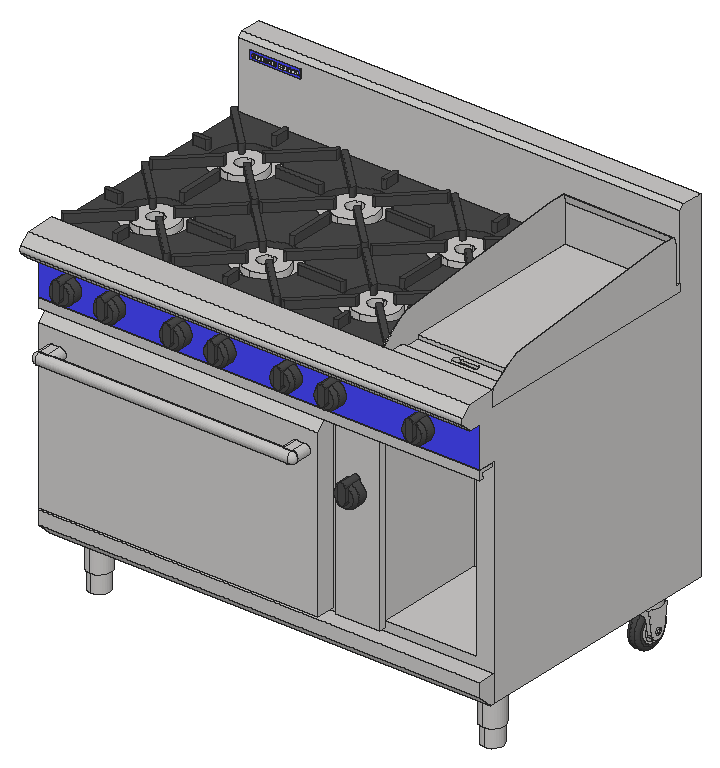
Revit family "QF_MOFFAT_BLUESEAL_CE_G58C", category Specialty Equipment, Revit 2012
Parameters
  Width = 1200 mm
  Weight in Pounds = 584
  Watts = 130 W
  Volts = 230 V
  URL Cutsheet = "www.moffat.com"
  URL = "www.moffat.com"
  Type Mark [instance] = ""
  Status [instance] = ""
  Specification by User [instance] = ""
  Specification by Manufacturer = ""
  Show Logo [instance] = yes
  Show Clearance [instance] = yes
  Show Casters [instance] = yes
  Serial Number = ""
  Seismic Rating = ""
  SMACNA No = ""
  Revision Code [instance] = ""
  Phase = 1
  Omniclass Number and Title = ""
  Number of Poles [instance] = 1
  NAFEM Spec ID Number = ""
  Model = "G58C"
  Min Ckt Ampacity = 0 A
  Mechanical Remarks = ""
  Mechanical Connection Type [instance] = ""
  Max Overcurrent Protection = 0 A
  Masterspec = ""
  Manufacturer = "MOFFAT BLUESEAL"
  Legs [instance] = not(Show Casters)  # no
  Item Number [instance] = ""
  Installed By [instance] = ""
  Identify Quantity as Lot [instance] = yes
  Height = 970 mm
  HP = ""
  Gas Size = 3/4"
  Gas RI Height [instance] = 0 mm
  Gas KW [instance] = 57
  Gas Input [instance] = 194500.0 Btu/h
  Gas Connection Height = 0 mm
  Furnished By [instance] = ""
  Foodservice Equipment Identifier [instance] = yes
  FL Amps = 0.6 A
  Electrical Remarks = ""
  Electric Connection Type = ""
  Elec Conn RI Height = 0 mm
  Elec Conn Connection Height = 0 mm
  Description = "1200MM GAS RANGE WITH CONVECTION OVEN"
  Depth = 812 mm
  Cycle = 60 Hz
  Conn Plug = ""
  Conn Conduit = yes
  CSI MasterFormat = ""
  CSI Master Format = ""
  Body Finish = QF_Finishes_Stainless Steel
  Apparent Power = 0 VA
Reference planes
  plane 1 "BACK": y = 0
  plane 2: z = 0
  plane 3 "LEFT": x = 0
  plane 4 "RIGHT": x = 1200
  plane 5 "FRONT": y = -812
  plane 6 "TOP": z = 970
  plane 7 "Center Y": x = 600
  plane 8 "Center X": y = -406
  plane 9: x = 280
  plane 10: y = -574.272
  plane 11: x = 60
  plane 12: y = -304.972
  plane 13: y = -364.972
  plane 14: x = 74
  plane 15: y = -812
  plane 16: x = 1134.5
  plane 17: y = -32
  plane 18: z = 655
  plane 19: x = 65.5
  plane 20: x = 65.8
  plane 21: z = 1085
  plane 22: y = -705
Forms (mm)
  Extrusion 1, solid, material "QF_Finishes_Stainless Steel" <- "Body Finish"
    sketch origin (0, 0, 0) x (0, 1, 0) y (0, 0, 1)
      loop
        line (0, 150) -> (0, 1085) -> (-57.5, 1085) -> (-70, 1072.5) -> (-70, 875) -> (-705, 875) -> (-705, 915) -> (-783.97, 915) -> (-808.49, 890.48)
        arc (-808.49, 890.48) -> (-812.002, 882) -> (-808.49, 873.52) r 11.993
        line (-808.49, 873.52) -> (-784.97, 850) -> (-749, 850) -> (-749, 740) -> (-699, 740) -> (-699, 150) -> (0, 150)
      loop
        line (-749, 222.5) -> (-749, 186) -> (-713, 150) -> (-703.2, 150) -> (-703.2, 222.5) -> (-749, 222.5)
      loop
        line (-749, 713.781) -> (-740.224, 713.781) -> (-742.613, 730.781) -> (-707.93, 730.781) -> (-707.93, 737.784) -> (-749, 737.784) -> (-749, 713.781)
    from 0 to 1200
  Extrusion 2, solid, material "QF_Finishes_Stainless Steel"
    sketch origin (0, 7, 0) x (0, 1, 0) y (0, 0, 1)
      loop
        line (-706, 700) -> (-732, 700) -> (-756, 676) -> (-756, 227.5) -> (-706, 227.5) -> (-706, 700)
    from 0 to 760
  Extrusion 3, solid, material "QF_Finishes_Stainless Steel"
    sketch origin (723.5, 7, 0) x (0, 1, 0) y (0, 0, 1)
      loop
        line (-706, 700) -> (-721, 700) -> (-721, 227.5) -> (-706, 227.5) -> (-706, 700)
    from 56.898 to 176.5
  Revolve 4, solid, material "QF_Finishes_Stainless Steel" <- "Body Finish"
    sketch origin (1134.5, -696.126, 0) x (0, 1, 0) y (0, 0, -1)
      loop
        line (39.376, -150) -> (71.126, -150) -> (71.126, 0) -> (43.626, 0) -> (43.626, -50) -> (39.376, -50) -> (39.376, -150)
      axis (71.126, -150) -> (71.126, 0)
    angle from 0 to 360
  Revolve 5, solid, material "QF_Finishes_Stainless Steel" <- "Body Finish"
    sketch origin (65.5, -696.126, 0) x (0, 1, 0) y (0, 0, 1)
      loop
        line (39.376, 150) -> (39.376, 50) -> (43.626, 50) -> (43.626, 0) -> (71.126, 0) -> (71.126, 150) -> (39.376, 150)
      axis (71.126, 150) -> (71.126, 0)
    angle from 0 to 360
  Extrusion 6, solid, material "QF_Finishes_Stainless Steel"
    sketch origin (-64.5, 0, 325) x (1, 0, 0) y (0, 1, 0)
      loop
        circle (1134.5, -32) r 10
    from 330 to 374.856
  Extrusion 7, void
    sketch origin (0, -699, 150) x (0, 0, -1) y (-1, 0, 0)
      loop
        line (-529.781, -900) -> (-529.781, -1150) -> (-96, -1150) -> (-96, -900) -> (-529.781, -900)
    from 0 to 304.8
  Extrusion 8, solid, material "QF_Finishes_Black"
    sketch origin (0, -70, 875) x (0, -1, 0) y (1, 0, 0)
      loop
        arc (1, 4) -> (1.879, 1.879) -> (4, 1) r 3
        line (4, 1) -> (632, 1)
        arc (632, 1) -> (634.121, 1.879) -> (635, 4) r 3
        line (635, 4) -> (635, 897)
        arc (635, 897) -> (634.121, 899.121) -> (632, 900) r 3
        line (632, 900) -> (4, 900)
        arc (4, 900) -> (1.879, 899.121) -> (1, 897) r 3
        line (1, 897) -> (1, 4)
      loop
        circle (167.5, 150) r 85
      loop
        circle (167.5, 450) r 85
      loop
        circle (467.768, 150) r 85
      loop
        circle (467.768, 450) r 85
      loop
        circle (167.5, 750) r 85
      loop
        circle (467.768, 750) r 85
    from 0 to 19.5
  Extrusion 9, solid, material "QF_Finishes_Black"
    sketch origin (0, -70, 894.5) x (0, -1, 0) y (1, 0, 0)
      loop
        spline (327.102, 15.153) -> (326.181, 13.924) -> (325.631, 12.47) -> (325.49, 10.89) -> (325.767, 9.292) -> (326.443, 7.786) -> (327.473, 6.473) -> (328.786, 5.443) -> (330.292, 4.767) -> (331.89, 4.49) -> (333.47, 4.631) -> (334.924, 5.181) -> (336.153, 6.102)
        line (336.153, 6.102) -> (444.076, 114.025)
        spline (444.076, 114.025) -> (444.837, 115.095) -> (445.238, 116.399) -> (445.251, 117.851) -> (444.875, 119.35) -> (444.137, 120.795) -> (443.086, 122.086) -> (441.795, 123.137) -> (440.35, 123.875) -> (438.851, 124.251) -> (437.399, 124.238) -> (436.095, 123.837) -> (435.025, 123.076)
        line (435.025, 123.076) -> (327.102, 15.153)
      loop
        line (611.398, 15.153) -> (503.475, 123.076)
        spline (503.475, 123.076) -> (502.405, 123.837) -> (501.101, 124.238) -> (499.649, 124.251) -> (498.15, 123.875) -> (496.705, 123.137) -> (495.414, 122.086) -> (494.363, 120.795) -> (493.625, 119.35) -> (493.249, 117.851) -> (493.262, 116.399) -> (493.663, 115.095) -> (494.424, 114.025)
        line (494.424, 114.025) -> (602.347, 6.102)
        spline (602.347, 6.102) -> (603.416, 5.341) -> (604.721, 4.941) -> (606.172, 4.928) -> (607.671, 5.303) -> (609.116, 6.041) -> (610.408, 7.092) -> (611.459, 8.384) -> (612.197, 9.829) -> (612.572, 11.328) -> (612.559, 12.779) -> (612.159, 14.084) -> (611.398, 15.153)
      loop
        spline (379.102, 143.6) -> (380.396, 143.818) -> (381.602, 144.457) -> (382.638, 145.475) -> (383.432, 146.8) -> (383.932, 148.344) -> (384.102, 150) -> (383.932, 151.656) -> (383.432, 153.2) -> (382.638, 154.525) -> (381.602, 155.543) -> (380.396, 156.182) -> (379.102, 156.4)
        line (379.102, 156.4) -> (259.398, 156.4)
        spline (259.398, 156.4) -> (258.104, 156.182) -> (256.898, 155.543) -> (255.862, 154.525) -> (255.068, 153.2) -> (254.568, 151.656) -> (254.398, 150) -> (254.568, 148.344) -> (255.068, 146.8) -> (255.862, 145.475) -> (256.898, 144.457) -> (258.104, 143.818) -> (259.398, 143.6)
        line (259.398, 143.6) -> (379.102, 143.6)
      loop
        spline (23.602, 15.153) -> (22.681, 13.924) -> (22.131, 12.47) -> (21.99, 10.89) -> (22.267, 9.292) -> (22.943, 7.786) -> (23.973, 6.473) -> (25.286, 5.443) -> (26.792, 4.767) -> (28.39, 4.49) -> (29.97, 4.631) -> (31.424, 5.181) -> (32.653, 6.102)
        line (32.653, 6.102) -> (140.576, 114.025)
        spline (140.576, 114.025) -> (141.337, 115.095) -> (141.738, 116.399) -> (141.751, 117.851) -> (141.375, 119.35) -> (140.637, 120.795) -> (139.586, 122.086) -> (138.295, 123.137) -> (136.85, 123.875) -> (135.351, 124.251) -> (133.899, 124.238) -> (132.595, 123.837) -> (131.525, 123.076)
        line (131.525, 123.076) -> (23.602, 15.153)
      loop
        line (311.398, 15.153) -> (203.475, 123.076)
        spline (203.475, 123.076) -> (202.405, 123.837) -> (201.101, 124.238) -> (199.649, 124.251) -> (198.15, 123.875) -> (196.705, 123.137) -> (195.414, 122.086) -> (194.363, 120.795) -> (193.625, 119.35) -> (193.249, 117.851) -> (193.262, 116.399) -> (193.663, 115.095) -> (194.424, 114.025)
        line (194.424, 114.025) -> (302.347, 6.102)
        spline (302.347, 6.102) -> (303.416, 5.341) -> (304.721, 4.941) -> (306.172, 4.928) -> (307.671, 5.303) -> (309.116, 6.041) -> (310.408, 7.092) -> (311.459, 8.384) -> (312.197, 9.829) -> (312.572, 11.328) -> (312.559, 12.779) -> (312.159, 14.084) -> (311.398, 15.153)
      loop
        line (327.102, 284.847) -> (435.025, 176.924)
        spline (435.025, 176.924) -> (436.095, 176.163) -> (437.399, 175.762) -> (438.851, 175.749) -> (440.35, 176.125) -> (441.795, 176.863) -> (443.086, 177.914) -> (444.137, 179.205) -> (444.875, 180.65) -> (445.251, 182.149) -> (445.238, 183.601) -> (444.837, 184.905) -> (444.076, 185.975)
        line (444.076, 185.975) -> (336.153, 293.898)
        spline (336.153, 293.898) -> (334.924, 294.819) -> (333.47, 295.369) -> (331.89, 295.51) -> (330.292, 295.233) -> (328.786, 294.557) -> (327.473, 293.527) -> (326.443, 292.214) -> (325.767, 290.708) -> (325.49, 289.11) -> (325.631, 287.53) -> (326.181, 286.076) -> (327.102, 284.847)
      loop
        spline (611.398, 284.847) -> (612.159, 285.916) -> (612.559, 287.221) -> (612.572, 288.672) -> (612.197, 290.171) -> (611.459, 291.616) -> (610.408, 292.908) -> (609.116, 293.959) -> (607.671, 294.697) -> (606.172, 295.072) -> (604.721, 295.059) -> (603.416, 294.659) -> (602.347, 293.898)
        line (602.347, 293.898) -> (494.424, 185.975)
        spline (494.424, 185.975) -> (493.663, 184.905) -> (493.262, 183.601) -> (493.249, 182.149) -> (493.625, 180.65) -> (494.363, 179.205) -> (495.414, 177.914) -> (496.705, 176.863) -> (498.15, 176.125) -> (499.649, 175.749) -> (501.101, 175.762) -> (502.405, 176.163) -> (503.475, 176.924)
        line (503.475, 176.924) -> (611.398, 284.847)
      loop
        spline (461.1, 241.898) -> (461.318, 240.604) -> (461.957, 239.398) -> (462.975, 238.362) -> (464.3, 237.568) -> (465.844, 237.068) -> (467.5, 236.898) -> (469.156, 237.068) -> (470.7, 237.568) -> (472.025, 238.362) -> (473.043, 239.398) -> (473.682, 240.604) -> (473.9, 241.898)
        line (473.9, 241.898) -> (473.9, 358.102)
        spline (473.9, 358.102) -> (473.682, 359.396) -> (473.043, 360.602) -> (472.025, 361.638) -> (470.7, 362.432) -> (469.156, 362.932) -> (467.5, 363.102) -> (465.844, 362.932) -> (464.3, 362.432) -> (462.975, 361.638) -> (461.957, 360.602) -> (461.318, 359.396) -> (461.1, 358.102)
        line (461.1, 358.102) -> (461.1, 241.898)
      loop
        line (23.602, 284.847) -> (131.525, 176.924)
        spline (131.525, 176.924) -> (132.595, 176.163) -> (133.899, 175.762) -> (135.351, 175.749) -> (136.85, 176.125) -> (138.295, 176.863) -> (139.586, 177.914) -> (140.637, 179.205) -> (141.375, 180.65) -> (141.751, 182.149) -> (141.738, 183.601) -> (141.337, 184.905) -> (140.576, 185.975)
        line (140.576, 185.975) -> (32.653, 293.898)
        spline (32.653, 293.898) -> (31.424, 294.819) -> (29.97, 295.369) -> (28.39, 295.51) -> (26.792, 295.233) -> (25.286, 294.557) -> (23.973, 293.527) -> (22.943, 292.214) -> (22.267, 290.708) -> (21.99, 289.11) -> (22.131, 287.53) -> (22.681, 286.076) -> (23.602, 284.847)
      loop
        spline (311.398, 284.847) -> (312.159, 285.916) -> (312.559, 287.221) -> (312.572, 288.672) -> (312.197, 290.171) -> (311.459, 291.616) -> (310.408, 292.908) -> (309.116, 293.959) -> (307.671, 294.697) -> (306.172, 295.072) -> (304.721, 295.059) -> (303.416, 294.659) -> (302.347, 293.898)
        line (302.347, 293.898) -> (194.424, 185.975)
        spline (194.424, 185.975) -> (193.663, 184.905) -> (193.262, 183.601) -> (193.249, 182.149) -> (193.625, 180.65) -> (194.363, 179.205) -> (195.414, 177.914) -> (196.705, 176.863) -> (198.15, 176.125) -> (199.649, 175.749) -> (201.101, 175.762) -> (202.405, 176.163) -> (203.475, 176.924)
        line (203.475, 176.924) -> (311.398, 284.847)
      loop
        spline (161.1, 241.898) -> (161.318, 240.604) -> (161.957, 239.398) -> (162.975, 238.362) -> (164.3, 237.568) -> (165.844, 237.068) -> (167.5, 236.898) -> (169.156, 237.068) -> (170.7, 237.568) -> (172.025, 238.362) -> (173.043, 239.398) -> (173.682, 240.604) -> (173.9, 241.898)
        line (173.9, 241.898) -> (173.9, 358.102)
        spline (173.9, 358.102) -> (173.682, 359.396) -> (173.043, 360.602) -> (172.025, 361.638) -> (170.7, 362.432) -> (169.156, 362.932) -> (167.5, 363.102) -> (165.844, 362.932) -> (164.3, 362.432) -> (162.975, 361.638) -> (161.957, 360.602) -> (161.318, 359.396) -> (161.1, 358.102)
        line (161.1, 358.102) -> (161.1, 241.898)
      loop
        line (379.102, 456.4) -> (259.398, 456.4)
        spline (259.398, 456.4) -> (258.104, 456.182) -> (256.898, 455.543) -> (255.862, 454.525) -> (255.068, 453.2) -> (254.568, 451.656) -> (254.398, 450) -> (254.568, 448.344) -> (255.068, 446.8) -> (255.862, 445.475) -> (256.898, 444.457) -> (258.104, 443.818) -> (259.398, 443.6)
        line (259.398, 443.6) -> (379.102, 443.6)
        spline (379.102, 443.6) -> (380.396, 443.818) -> (381.602, 444.457) -> (382.638, 445.475) -> (383.432, 446.8) -> (383.932, 448.344) -> (384.102, 450) -> (383.932, 451.656) -> (383.432, 453.2) -> (382.638, 454.525) -> (381.602, 455.543) -> (380.396, 456.182) -> (379.102, 456.4)
      loop
        spline (327.102, 315.153) -> (326.181, 313.924) -> (325.631, 312.47) -> (325.49, 310.89) -> (325.767, 309.292) -> (326.443, 307.786) -> (327.473, 306.473) -> (328.786, 305.443) -> (330.292, 304.767) -> (331.89, 304.49) -> (333.47, 304.631) -> (334.924, 305.181) -> (336.153, 306.102)
        line (336.153, 306.102) -> (444.076, 414.025)
        spline (444.076, 414.025) -> (444.837, 415.095) -> (445.238, 416.399) -> (445.251, 417.851) -> (444.875, 419.35) -> (444.137, 420.795) -> (443.086, 422.086) -> (441.795, 423.137) -> (440.35, 423.875) -> (438.851, 424.251) -> (437.399, 424.238) -> (436.095, 423.837) -> (435.025, 423.076)
        line (435.025, 423.076) -> (327.102, 315.153)
      loop
        line (611.398, 315.153) -> (503.475, 423.076)
        spline (503.475, 423.076) -> (502.405, 423.837) -> (501.101, 424.238) -> (499.649, 424.251) -> (498.15, 423.875) -> (496.705, 423.137) -> (495.414, 422.086) -> (494.363, 420.795) -> (493.625, 419.35) -> (493.249, 417.851) -> (493.262, 416.399) -> (493.663, 415.095) -> (494.424, 414.025)
        line (494.424, 414.025) -> (602.347, 306.102)
        spline (602.347, 306.102) -> (603.416, 305.341) -> (604.721, 304.941) -> (606.172, 304.928) -> (607.671, 305.303) -> (609.116, 306.041) -> (610.408, 307.092) -> (611.459, 308.384) -> (612.197, 309.829) -> (612.572, 311.328) -> (612.559, 312.779) -> (612.159, 314.084) -> (611.398, 315.153)
      loop
        spline (23.602, 315.153) -> (22.681, 313.924) -> (22.131, 312.47) -> (21.99, 310.89) -> (22.267, 309.292) -> (22.943, 307.786) -> (23.973, 306.473) -> (25.286, 305.443) -> (26.792, 304.767) -> (28.39, 304.49) -> (29.97, 304.631) -> (31.424, 305.181) -> (32.653, 306.102)
        line (32.653, 306.102) -> (140.576, 414.025)
        spline (140.576, 414.025) -> (141.337, 415.095) -> (141.738, 416.399) -> (141.751, 417.851) -> (141.375, 419.35) -> (140.637, 420.795) -> (139.586, 422.086) -> (138.295, 423.137) -> (136.85, 423.875) -> (135.351, 424.251) -> (133.899, 424.238) -> (132.595, 423.837) -> (131.525, 423.076)
        line (131.525, 423.076) -> (23.602, 315.153)
      loop
        line (311.398, 315.153) -> (203.475, 423.076)
        spline (203.475, 423.076) -> (202.405, 423.837) -> (201.101, 424.238) -> (199.649, 424.251) -> (198.15, 423.875) -> (196.705, 423.137) -> (195.414, 422.086) -> (194.363, 420.795) -> (193.625, 419.35) -> (193.249, 417.851) -> (193.262, 416.399) -> (193.663, 415.095) -> (194.424, 414.025)
        line (194.424, 414.025) -> (302.347, 306.102)
        spline (302.347, 306.102) -> (303.416, 305.341) -> (304.721, 304.941) -> (306.172, 304.928) -> (307.671, 305.303) -> (309.116, 306.041) -> (310.408, 307.092) -> (311.459, 308.384) -> (312.197, 309.829) -> (312.572, 311.328) -> (312.559, 312.779) -> (312.159, 314.084) -> (311.398, 315.153)
      loop
        line (327.102, 584.847) -> (435.025, 476.924)
        spline (435.025, 476.924) -> (436.095, 476.163) -> (437.399, 475.762) -> (438.851, 475.749) -> (440.35, 476.125) -> (441.795, 476.863) -> (443.086, 477.914) -> (444.137, 479.205) -> (444.875, 480.65) -> (445.251, 482.149) -> (445.238, 483.601) -> (444.837, 484.905) -> (444.076, 485.975)
        line (444.076, 485.975) -> (336.153, 593.898)
        spline (336.153, 593.898) -> (334.924, 594.819) -> (333.47, 595.369) -> (331.89, 595.51) -> (330.292, 595.233) -> (328.786, 594.557) -> (327.473, 593.527) -> (326.443, 592.214) -> (325.767, 590.708) -> (325.49, 589.11) -> (325.631, 587.53) -> (326.181, 586.076) -> (327.102, 584.847)
      loop
        spline (611.398, 584.847) -> (612.159, 585.916) -> (612.559, 587.221) -> (612.572, 588.672) -> (612.197, 590.171) -> (611.459, 591.616) -> (610.408, 592.908) -> (609.116, 593.959) -> (607.671, 594.697) -> (606.172, 595.072) -> (604.721, 595.059) -> (603.416, 594.659) -> (602.347, 593.898)
        line (602.347, 593.898) -> (494.424, 485.975)
        spline (494.424, 485.975) -> (493.663, 484.905) -> (493.262, 483.601) -> (493.249, 482.149) -> (493.625, 480.65) -> (494.363, 479.205) -> (495.414, 477.914) -> (496.705, 476.863) -> (498.15, 476.125) -> (499.649, 475.749) -> (501.101, 475.762) -> (502.405, 476.163) -> (503.475, 476.924)
        line (503.475, 476.924) -> (611.398, 584.847)
      loop
        line (23.602, 584.847) -> (131.525, 476.924)
        spline (131.525, 476.924) -> (132.595, 476.163) -> (133.899, 475.762) -> (135.351, 475.749) -> (136.85, 476.125) -> (138.295, 476.863) -> (139.586, 477.914) -> (140.637, 479.205) -> (141.375, 480.65) -> (141.751, 482.149) -> (141.738, 483.601) -> (141.337, 484.905) -> (140.576, 485.975)
        line (140.576, 485.975) -> (32.653, 593.898)
        spline (32.653, 593.898) -> (31.424, 594.819) -> (29.97, 595.369) -> (28.39, 595.51) -> (26.792, 595.233) -> (25.286, 594.557) -> (23.973, 593.527) -> (22.943, 592.214) -> (22.267, 590.708) -> (21.99, 589.11) -> (22.131, 587.53) -> (22.681, 586.076) -> (23.602, 584.847)
      loop
        spline (311.398, 584.847) -> (312.159, 585.916) -> (312.559, 587.221) -> (312.572, 588.672) -> (312.197, 590.171) -> (311.459, 591.616) -> (310.408, 592.908) -> (309.116, 593.959) -> (307.671, 594.697) -> (306.172, 595.072) -> (304.721, 595.059) -> (303.416, 594.659) -> (302.347, 593.898)
        line (302.347, 593.898) -> (194.424, 485.975)
        spline (194.424, 485.975) -> (193.663, 484.905) -> (193.262, 483.601) -> (193.249, 482.149) -> (193.625, 480.65) -> (194.363, 479.205) -> (195.414, 477.914) -> (196.705, 476.863) -> (198.15, 476.125) -> (199.649, 475.749) -> (201.101, 475.762) -> (202.405, 476.163) -> (203.475, 476.924)
        line (203.475, 476.924) -> (311.398, 584.847)
      loop
        spline (461.1, 541.898) -> (461.318, 540.604) -> (461.957, 539.398) -> (462.975, 538.362) -> (464.3, 537.568) -> (465.844, 537.068) -> (467.5, 536.898) -> (469.156, 537.068) -> (470.7, 537.568) -> (472.025, 538.362) -> (473.043, 539.398) -> (473.682, 540.604) -> (473.9, 541.898)
        line (473.9, 541.898) -> (473.9, 658.102)
        spline (473.9, 658.102) -> (473.682, 659.396) -> (473.043, 660.602) -> (472.025, 661.638) -> (470.7, 662.432) -> (469.156, 662.932) -> (467.5, 663.102) -> (465.844, 662.932) -> (464.3, 662.432) -> (462.975, 661.638) -> (461.957, 660.602) -> (461.318, 659.396) -> (461.1, 658.102)
        line (461.1, 658.102) -> (461.1, 541.898)
      loop
        spline (161.1, 541.898) -> (161.318, 540.604) -> (161.957, 539.398) -> (162.975, 538.362) -> (164.3, 537.568) -> (165.844, 537.068) -> (167.5, 536.898) -> (169.156, 537.068) -> (170.7, 537.568) -> (172.025, 538.362) -> (173.043, 539.398) -> (173.682, 540.604) -> (173.9, 541.898)
        line (173.9, 541.898) -> (173.9, 658.102)
        spline (173.9, 658.102) -> (173.682, 659.396) -> (173.043, 660.602) -> (172.025, 661.638) -> (170.7, 662.432) -> (169.156, 662.932) -> (167.5, 663.102) -> (165.844, 662.932) -> (164.3, 662.432) -> (162.975, 661.638) -> (161.957, 660.602) -> (161.318, 659.396) -> (161.1, 658.102)
        line (161.1, 658.102) -> (161.1, 541.898)
      loop
        line (379.102, 756.4) -> (259.398, 756.4)
        spline (259.398, 756.4) -> (258.104, 756.182) -> (256.898, 755.543) -> (255.862, 754.525) -> (255.068, 753.2) -> (254.568, 751.656) -> (254.398, 750) -> (254.568, 748.344) -> (255.068, 746.8) -> (255.862, 745.475) -> (256.898, 744.457) -> (258.104, 743.818) -> (259.398, 743.6)
        line (259.398, 743.6) -> (379.102, 743.6)
        spline (379.102, 743.6) -> (380.396, 743.818) -> (381.602, 744.457) -> (382.638, 745.475) -> (383.432, 746.8) -> (383.932, 748.344) -> (384.102, 750) -> (383.932, 751.656) -> (383.432, 753.2) -> (382.638, 754.525) -> (381.602, 755.543) -> (380.396, 756.182) -> (379.102, 756.4)
      loop
        spline (327.102, 615.153) -> (326.181, 613.924) -> (325.631, 612.47) -> (325.49, 610.89) -> (325.767, 609.292) -> (326.443, 607.786) -> (327.473, 606.473) -> (328.786, 605.443) -> (330.292, 604.767) -> (331.89, 604.49) -> (333.47, 604.631) -> (334.924, 605.181) -> (336.153, 606.102)
        line (336.153, 606.102) -> (444.076, 714.025)
        spline (444.076, 714.025) -> (444.837, 715.095) -> (445.238, 716.399) -> (445.251, 717.851) -> (444.875, 719.35) -> (444.137, 720.795) -> (443.086, 722.086) -> (441.795, 723.137) -> (440.35, 723.875) -> (438.851, 724.251) -> (437.399, 724.238) -> (436.095, 723.837) -> (435.025, 723.076)
        line (435.025, 723.076) -> (327.102, 615.153)
      loop
        line (611.398, 615.153) -> (503.475, 723.076)
        spline (503.475, 723.076) -> (502.405, 723.837) -> (501.101, 724.238) -> (499.649, 724.251) -> (498.15, 723.875) -> (496.705, 723.137) -> (495.414, 722.086) -> (494.363, 720.795) -> (493.625, 719.35) -> (493.249, 717.851) -> (493.262, 716.399) -> (493.663, 715.095) -> (494.424, 714.025)
        line (494.424, 714.025) -> (602.347, 606.102)
        spline (602.347, 606.102) -> (603.416, 605.341) -> (604.721, 604.941) -> (606.172, 604.928) -> (607.671, 605.303) -> (609.116, 606.041) -> (610.408, 607.092) -> (611.459, 608.384) -> (612.197, 609.829) -> (612.572, 611.328) -> (612.559, 612.779) -> (612.159, 614.084) -> (611.398, 615.153)
      loop
        spline (23.602, 615.153) -> (22.681, 613.924) -> (22.131, 612.47) -> (21.99, 610.89) -> (22.267, 609.292) -> (22.943, 607.786) -> (23.973, 606.473) -> (25.286, 605.443) -> (26.792, 604.767) -> (28.39, 604.49) -> (29.97, 604.631) -> (31.424, 605.181) -> (32.653, 606.102)
        line (32.653, 606.102) -> (140.576, 714.025)
        spline (140.576, 714.025) -> (141.337, 715.095) -> (141.738, 716.399) -> (141.751, 717.851) -> (141.375, 719.35) -> (140.637, 720.795) -> (139.586, 722.086) -> (138.295, 723.137) -> (136.85, 723.875) -> (135.351, 724.251) -> (133.899, 724.238) -> (132.595, 723.837) -> (131.525, 723.076)
        line (131.525, 723.076) -> (23.602, 615.153)
      loop
        line (311.398, 615.153) -> (203.475, 723.076)
        spline (203.475, 723.076) -> (202.405, 723.837) -> (201.101, 724.238) -> (199.649, 724.251) -> (198.15, 723.875) -> (196.705, 723.137) -> (195.414, 722.086) -> (194.363, 720.795) -> (193.625, 719.35) -> (193.249, 717.851) -> (193.262, 716.399) -> (193.663, 715.095) -> (194.424, 714.025)
        line (194.424, 714.025) -> (302.347, 606.102)
        spline (302.347, 606.102) -> (303.416, 605.341) -> (304.721, 604.941) -> (306.172, 604.928) -> (307.671, 605.303) -> (309.116, 606.041) -> (310.408, 607.092) -> (311.459, 608.384) -> (312.197, 609.829) -> (312.572, 611.328) -> (312.559, 612.779) -> (312.159, 614.084) -> (311.398, 615.153)
      loop
        line (327.102, 884.847) -> (435.025, 776.924)
        spline (435.025, 776.924) -> (436.095, 776.163) -> (437.399, 775.762) -> (438.851, 775.749) -> (440.35, 776.125) -> (441.795, 776.863) -> (443.086, 777.914) -> (444.137, 779.205) -> (444.875, 780.65) -> (445.251, 782.149) -> (445.238, 783.601) -> (444.837, 784.905) -> (444.076, 785.975)
        line (444.076, 785.975) -> (336.153, 893.898)
        spline (336.153, 893.898) -> (334.924, 894.819) -> (333.47, 895.369) -> (331.89, 895.51) -> (330.292, 895.233) -> (328.786, 894.557) -> (327.473, 893.527) -> (326.443, 892.214) -> (325.767, 890.708) -> (325.49, 889.11) -> (325.631, 887.53) -> (326.181, 886.076) -> (327.102, 884.847)
      loop
        spline (611.398, 884.847) -> (612.159, 885.916) -> (612.559, 887.221) -> (612.572, 888.672) -> (612.197, 890.171) -> (611.459, 891.616) -> (610.408, 892.908) -> (609.116, 893.959) -> (607.671, 894.697) -> (606.172, 895.072) -> (604.721, 895.059) -> (603.416, 894.659) -> (602.347, 893.898)
        line (602.347, 893.898) -> (494.424, 785.975)
        spline (494.424, 785.975) -> (493.663, 784.905) -> (493.262, 783.601) -> (493.249, 782.149) -> (493.625, 780.65) -> (494.363, 779.205) -> (495.414, 777.914) -> (496.705, 776.863) -> (498.15, 776.125) -> (499.649, 775.749) -> (501.101, 775.762) -> (502.405, 776.163) -> (503.475, 776.924)
        line (503.475, 776.924) -> (611.398, 884.847)
      loop
        line (23.602, 884.847) -> (131.525, 776.924)
        spline (131.525, 776.924) -> (132.595, 776.163) -> (133.899, 775.762) -> (135.351, 775.749) -> (136.85, 776.125) -> (138.295, 776.863) -> (139.586, 777.914) -> (140.637, 779.205) -> (141.375, 780.65) -> (141.751, 782.149) -> (141.738, 783.601) -> (141.337, 784.905) -> (140.576, 785.975)
        line (140.576, 785.975) -> (32.653, 893.898)
        spline (32.653, 893.898) -> (31.424, 894.819) -> (29.97, 895.369) -> (28.39, 895.51) -> (26.792, 895.233) -> (25.286, 894.557) -> (23.973, 893.527) -> (22.943, 892.214) -> (22.267, 890.708) -> (21.99, 889.11) -> (22.131, 887.53) -> (22.681, 886.076) -> (23.602, 884.847)
      loop
        spline (311.398, 884.847) -> (312.159, 885.916) -> (312.559, 887.221) -> (312.572, 888.672) -> (312.197, 890.171) -> (311.459, 891.616) -> (310.408, 892.908) -> (309.116, 893.959) -> (307.671, 894.697) -> (306.172, 895.072) -> (304.721, 895.059) -> (303.416, 894.659) -> (302.347, 893.898)
        line (302.347, 893.898) -> (194.424, 785.975)
        spline (194.424, 785.975) -> (193.663, 784.905) -> (193.262, 783.601) -> (193.249, 782.149) -> (193.625, 780.65) -> (194.363, 779.205) -> (195.414, 777.914) -> (196.705, 776.863) -> (198.15, 776.125) -> (199.649, 775.749) -> (201.101, 775.762) -> (202.405, 776.163) -> (203.475, 776.924)
        line (203.475, 776.924) -> (311.398, 884.847)
      loop
        spline (473.9, 891.872) -> (473.682, 893.166) -> (473.043, 894.372) -> (472.025, 895.407) -> (470.7, 896.202) -> (469.156, 896.701) -> (467.5, 896.872) -> (465.844, 896.701) -> (464.3, 896.202) -> (462.975, 895.407) -> (461.957, 894.372) -> (461.318, 893.166) -> (461.1, 891.872)
        line (461.1, 891.872) -> (461.1, 841.898)
        spline (461.1, 841.898) -> (461.318, 840.604) -> (461.957, 839.398) -> (462.975, 838.362) -> (464.3, 837.568) -> (465.844, 837.068) -> (467.5, 836.898) -> (469.156, 837.068) -> (470.7, 837.568) -> (472.025, 838.362) -> (473.043, 839.398) -> (473.682, 840.604) -> (473.9, 841.898)
        line (473.9, 841.898) -> (473.9, 891.872)
      loop
        spline (173.9, 891.872) -> (173.682, 893.166) -> (173.043, 894.372) -> (172.025, 895.407) -> (170.7, 896.202) -> (169.156, 896.701) -> (167.5, 896.872) -> (165.844, 896.701) -> (164.3, 896.202) -> (162.975, 895.407) -> (161.957, 894.372) -> (161.318, 893.166) -> (161.1, 891.872)
        line (161.1, 891.872) -> (161.1, 841.898)
        spline (161.1, 841.898) -> (161.318, 840.604) -> (161.957, 839.398) -> (162.975, 838.362) -> (164.3, 837.568) -> (165.844, 837.068) -> (167.5, 836.898) -> (169.156, 837.068) -> (170.7, 837.568) -> (172.025, 838.362) -> (173.043, 839.398) -> (173.682, 840.604) -> (173.9, 841.898)
        line (173.9, 841.898) -> (173.9, 891.872)
      loop
        spline (65.602, 143.6) -> (66.896, 143.818) -> (68.102, 144.457) -> (69.138, 145.475) -> (69.932, 146.8) -> (70.432, 148.344) -> (70.602, 150) -> (70.432, 151.656) -> (69.932, 153.2) -> (69.138, 154.525) -> (68.102, 155.543) -> (66.896, 156.182) -> (65.602, 156.4)
        line (65.602, 156.4) -> (29.398, 156.4)
        spline (29.398, 156.4) -> (28.104, 156.182) -> (26.898, 155.543) -> (25.862, 154.525) -> (25.068, 153.2) -> (24.568, 151.656) -> (24.398, 150) -> (24.568, 148.344) -> (25.068, 146.8) -> (25.862, 145.475) -> (26.898, 144.457) -> (28.104, 143.818) -> (29.398, 143.6)
        line (29.398, 143.6) -> (65.602, 143.6)
      loop
        spline (65.602, 443.6) -> (66.896, 443.818) -> (68.102, 444.457) -> (69.138, 445.475) -> (69.932, 446.8) -> (70.432, 448.344) -> (70.602, 450) -> (70.432, 451.656) -> (69.932, 453.2) -> (69.138, 454.525) -> (68.102, 455.543) -> (66.896, 456.182) -> (65.602, 456.4)
        line (65.602, 456.4) -> (29.398, 456.4)
        spline (29.398, 456.4) -> (28.104, 456.182) -> (26.898, 455.543) -> (25.862, 454.525) -> (25.068, 453.2) -> (24.568, 451.656) -> (24.398, 450) -> (24.568, 448.344) -> (25.068, 446.8) -> (25.862, 445.475) -> (26.898, 444.457) -> (28.104, 443.818) -> (29.398, 443.6)
        line (29.398, 443.6) -> (65.602, 443.6)
      loop
        spline (65.602, 743.6) -> (66.896, 743.818) -> (68.102, 744.457) -> (69.138, 745.475) -> (69.932, 746.8) -> (70.432, 748.344) -> (70.602, 750) -> (70.432, 751.656) -> (69.932, 753.2) -> (69.138, 754.525) -> (68.102, 755.543) -> (66.896, 756.182) -> (65.602, 756.4)
        line (65.602, 756.4) -> (29.398, 756.4)
        spline (29.398, 756.4) -> (28.104, 756.182) -> (26.898, 755.543) -> (25.862, 754.525) -> (25.068, 753.2) -> (24.568, 751.656) -> (24.398, 750) -> (24.568, 748.344) -> (25.068, 746.8) -> (25.862, 745.475) -> (26.898, 744.457) -> (28.104, 743.818) -> (29.398, 743.6)
        line (29.398, 743.6) -> (65.602, 743.6)
      loop
        spline (605.602, 143.6) -> (606.896, 143.818) -> (608.102, 144.457) -> (609.138, 145.475) -> (609.932, 146.8) -> (610.432, 148.344) -> (610.602, 150) -> (610.432, 151.656) -> (609.932, 153.2) -> (609.138, 154.525) -> (608.102, 155.543) -> (606.896, 156.182) -> (605.602, 156.4)
        line (605.602, 156.4) -> (569.398, 156.4)
        spline (569.398, 156.4) -> (568.104, 156.182) -> (566.898, 155.543) -> (565.862, 154.525) -> (565.068, 153.2) -> (564.568, 151.656) -> (564.398, 150) -> (564.568, 148.344) -> (565.068, 146.8) -> (565.862, 145.475) -> (566.898, 144.457) -> (568.104, 143.818) -> (569.398, 143.6)
        line (569.398, 143.6) -> (605.602, 143.6)
      loop
        spline (605.602, 443.6) -> (606.896, 443.818) -> (608.102, 444.457) -> (609.138, 445.475) -> (609.932, 446.8) -> (610.432, 448.344) -> (610.602, 450) -> (610.432, 451.656) -> (609.932, 453.2) -> (609.138, 454.525) -> (608.102, 455.543) -> (606.896, 456.182) -> (605.602, 456.4)
        line (605.602, 456.4) -> (569.398, 456.4)
        spline (569.398, 456.4) -> (568.104, 456.182) -> (566.898, 455.543) -> (565.862, 454.525) -> (565.068, 453.2) -> (564.568, 451.656) -> (564.398, 450) -> (564.568, 448.344) -> (565.068, 446.8) -> (565.862, 445.475) -> (566.898, 444.457) -> (568.104, 443.818) -> (569.398, 443.6)
        line (569.398, 443.6) -> (605.602, 443.6)
      loop
        spline (605.602, 743.6) -> (606.896, 743.818) -> (608.102, 744.457) -> (609.138, 745.475) -> (609.932, 746.8) -> (610.432, 748.344) -> (610.602, 750) -> (610.432, 751.656) -> (609.932, 753.2) -> (609.138, 754.525) -> (608.102, 755.543) -> (606.896, 756.182) -> (605.602, 756.4)
        line (605.602, 756.4) -> (569.398, 756.4)
        spline (569.398, 756.4) -> (568.104, 756.182) -> (566.898, 755.543) -> (565.862, 754.525) -> (565.068, 753.2) -> (564.568, 751.656) -> (564.398, 750) -> (564.568, 748.344) -> (565.068, 746.8) -> (565.862, 745.475) -> (566.898, 744.457) -> (568.104, 743.818) -> (569.398, 743.6)
        line (569.398, 743.6) -> (605.602, 743.6)
      loop
        line (460.626, 50.584) -> (460.626, 16.591)
        spline (460.626, 16.591) -> (460.844, 15.297) -> (461.483, 14.091) -> (462.501, 13.055) -> (463.826, 12.261) -> (465.37, 11.761) -> (467.026, 11.591) -> (468.682, 11.761) -> (470.226, 12.261) -> (471.551, 13.055) -> (472.569, 14.091) -> (473.208, 15.297) -> (473.426, 16.591)
        line (473.426, 16.591) -> (473.426, 50.584)
        spline (473.426, 50.584) -> (473.208, 51.878) -> (472.569, 53.084) -> (471.551, 54.119) -> (470.226, 54.914) -> (468.682, 55.413) -> (467.026, 55.584) -> (465.37, 55.413) -> (463.826, 54.914) -> (462.501, 54.119) -> (461.483, 53.084) -> (460.844, 51.878) -> (460.626, 50.584)
      loop
        line (160.11, 50.584) -> (160.11, 16.591)
        spline (160.11, 16.591) -> (160.328, 15.297) -> (160.967, 14.091) -> (161.984, 13.055) -> (163.31, 12.261) -> (164.853, 11.761) -> (166.51, 11.591) -> (168.166, 11.761) -> (169.71, 12.261) -> (171.035, 13.055) -> (172.052, 14.091) -> (172.692, 15.297) -> (172.91, 16.591)
        line (172.91, 16.591) -> (172.91, 50.584)
        spline (172.91, 50.584) -> (172.692, 51.878) -> (172.052, 53.084) -> (171.035, 54.119) -> (169.71, 54.914) -> (168.166, 55.413) -> (166.51, 55.584) -> (164.853, 55.413) -> (163.31, 54.914) -> (161.984, 54.119) -> (160.967, 53.084) -> (160.328, 51.878) -> (160.11, 50.584)
    from 0 to 23.5
  Revolve 10, solid, material "QF_Finishes_Black"
    sketch origin (810.601, 45.874, -0.118) x (0, 1, 0) y (0, 0, 1)
      loop
        line (-827.874, 829.5) -> (-838.874, 823.651) -> (-838.874, 797) -> (-794.874, 797) -> (-794.874, 802) -> (-804.874, 802) -> (-804.874, 829.5) -> (-827.874, 829.5)
      axis (-838.874, 797) -> (-794.874, 797)
    angle from 0 to 360
  Revolve 11, solid, material "QF_Finishes_Black"
    sketch origin (690.601, 45.874, -0.118) x (0, 1, 0) y (0, 0, 1)
      loop
        line (-827.874, 829.5) -> (-838.874, 823.651) -> (-838.874, 797) -> (-794.874, 797) -> (-794.874, 802) -> (-804.874, 802) -> (-804.874, 829.5) -> (-827.874, 829.5)
      axis (-838.874, 797) -> (-794.874, 797)
    angle from 0 to 360
  Revolve 12, solid, material "QF_Finishes_Black"
    sketch origin (90.649, 45.874, -0.118) x (0, 1, 0) y (0, 0, -1)
      loop
        line (-827.874, -829.5) -> (-804.874, -829.5) -> (-804.874, -802) -> (-794.874, -802) -> (-794.874, -797) -> (-838.874, -797) -> (-838.874, -823.651) -> (-827.874, -829.5)
      axis (-838.874, -797) -> (-794.874, -797)
    angle from 0 to 360
  Revolve 13, solid, material "QF_Finishes_Black"
    sketch origin (210.649, 45.874, -0.118) x (0, 1, 0) y (0, 0, -1)
      loop
        line (-827.874, -829.5) -> (-804.874, -829.5) -> (-804.874, -802) -> (-794.874, -802) -> (-794.874, -797) -> (-838.874, -797) -> (-838.874, -823.651) -> (-827.874, -829.5)
      axis (-838.874, -797) -> (-794.874, -797)
    angle from 0 to 360
  Revolve 14, solid, material "QF_Finishes_Black"
    sketch origin (390.625, 45.874, -0.118) x (0, 1, 0) y (0, 0, -1)
      loop
        line (-827.874, -829.5) -> (-804.874, -829.5) -> (-804.874, -802) -> (-794.874, -802) -> (-794.874, -797) -> (-838.874, -797) -> (-838.874, -823.651) -> (-827.874, -829.5)
      axis (-838.874, -797) -> (-794.874, -797)
    angle from 0 to 360
  Revolve 15, solid, material "QF_Finishes_Black"
    sketch origin (510.625, 45.874, -0.118) x (0, 1, 0) y (0, 0, -1)
      loop
        line (-827.874, -829.5) -> (-804.874, -829.5) -> (-804.874, -802) -> (-794.874, -802) -> (-794.874, -797) -> (-838.874, -797) -> (-838.874, -823.651) -> (-827.874, -829.5)
      axis (-838.874, -797) -> (-794.874, -797)
    angle from 0 to 360
  Revolve 16, solid, material "QF_Finishes_Black"
    sketch origin (1050, 45.874, -0.118) x (0, 1, 0) y (0, 0, 1)
      loop
        line (-827.874, 829.5) -> (-838.874, 823.651) -> (-838.874, 797) -> (-794.874, 797) -> (-794.874, 802) -> (-804.874, 802) -> (-804.874, 829.5) -> (-827.874, 829.5)
      axis (-838.874, 797) -> (-794.874, 797)
    angle from 0 to 360
  Extrusion 17, solid, material "QF_Finishes_Black"
    sketch origin (238.456, 7, -0.118) x (-1, 0, 0) y (0, 0, -1)
      loop
        arc (158.3, -789) -> (148.3, -779) -> (138.3, -789) r 10
        line (138.3, -789) -> (138.3, -824)
        arc (138.3, -824) -> (148.3, -834) -> (158.3, -824) r 10
        line (158.3, -824) -> (158.3, -789)
    from 759 to 808
  Extrusion 18, solid, material "QF_Finishes_Black"
    sketch origin (358.456, 7, -0.118) x (-1, 0, 0) y (0, 0, -1)
      loop
        arc (158.3, -789) -> (148.3, -779) -> (138.3, -789) r 10
        line (138.3, -789) -> (138.3, -824)
        arc (138.3, -824) -> (148.3, -834) -> (158.3, -824) r 10
        line (158.3, -824) -> (158.3, -789)
    from 759 to 808
  Extrusion 19, solid, material "QF_Finishes_Black"
    sketch origin (538.432, 7, -0.118) x (-1, 0, 0) y (0, 0, -1)
      loop
        arc (158.3, -789) -> (148.3, -779) -> (138.3, -789) r 10
        line (138.3, -789) -> (138.3, -824)
        arc (138.3, -824) -> (148.3, -834) -> (158.3, -824) r 10
        line (158.3, -824) -> (158.3, -789)
    from 759 to 808
  Extrusion 20, solid, material "QF_Finishes_Black"
    sketch origin (658.432, 7, -0.118) x (-1, 0, 0) y (0, 0, -1)
      loop
        arc (158.3, -789) -> (148.3, -779) -> (138.3, -789) r 10
        line (138.3, -789) -> (138.3, -824)
        arc (138.3, -824) -> (148.3, -834) -> (158.3, -824) r 10
        line (158.3, -824) -> (158.3, -789)
    from 759 to 808
  Extrusion 21, solid, material "QF_Finishes_Black"
    sketch origin (838.408, 7, -0.118) x (-1, 0, 0) y (0, 0, -1)
      loop
        arc (158.3, -789) -> (148.3, -779) -> (138.3, -789) r 10
        line (138.3, -789) -> (138.3, -824)
        arc (138.3, -824) -> (148.3, -834) -> (158.3, -824) r 10
        line (158.3, -824) -> (158.3, -789)
    from 759 to 808
  Extrusion 22, solid, material "QF_Finishes_Black"
    sketch origin (958.408, 7, -0.118) x (-1, 0, 0) y (0, 0, -1)
      loop
        arc (158.3, -789) -> (148.3, -779) -> (138.3, -789) r 10
        line (138.3, -789) -> (138.3, -824)
        arc (138.3, -824) -> (148.3, -834) -> (158.3, -824) r 10
        line (158.3, -824) -> (158.3, -789)
    from 759 to 808
  Extrusion 23, solid, material "QF_Finishes_Black"
    sketch origin (1197.807, 7, -0.118) x (-1, 0, 0) y (0, 0, -1)
      loop
        arc (158.3, -789) -> (148.3, -779) -> (138.3, -789) r 10
        line (138.3, -789) -> (138.3, -824)
        arc (138.3, -824) -> (148.3, -834) -> (158.3, -824) r 10
        line (158.3, -824) -> (158.3, -789)
    from 759 to 808
  Revolve 24, solid, material "QF_Finishes_Black"
    sketch origin (836.851, 80.874, -246.368) x (0, 1, 0) y (0, 0, 1)
      loop
        line (-827.874, 829.5) -> (-838.874, 823.651) -> (-838.874, 797) -> (-794.874, 797) -> (-794.874, 802) -> (-804.874, 802) -> (-804.874, 829.5) -> (-827.874, 829.5)
      axis (-838.874, 797) -> (-794.874, 797)
    angle from 0 to 360
  Extrusion 25, solid, material "QF_Finishes_Black"
    sketch origin (389.044, 42, -246.368) x (1, 0, 0) y (0, 0, 1)
      loop
        line (458.3, 789) -> (458.3, 824)
        arc (458.3, 824) -> (448.3, 834) -> (438.3, 824) r 10
        line (438.3, 824) -> (438.3, 789)
        arc (438.3, 789) -> (448.3, 779) -> (458.3, 789) r 10
    from 759 to 808
  Extrusion 26, solid, material "QF_Door-Drawer Clearances", visible <- "Show Clearance", detail levels coarse
    sketch origin (760, 7, 0) x (0, 1, 0) y (0, 0, 1)
      loop
        arc (-756, 697.347) -> (-1088.232, 559.732) -> (-1225.847, 227.5) r 469.847
        line (-1225.847, 227.5) -> (-756, 227.5) -> (-756, 697.347)
    from 0 to -760
  Extrusion 27, void
    sketch origin (0, 0, 150) x (-1, 0, 0) y (0, -1, 0)
      loop
        line (-1133.988, 87.26) -> (-1133.988, -30.24) -> (-1004.488, -30.24) -> (-1004.488, 38.76) -> (-1052.988, 87.26) -> (-1133.988, 87.26)
    from 72.5 to 549.856
  Extrusion 28, solid, material "QF_Finishes_Stainless Steel"
    sketch origin (0, -749, 227.5) x (0, 0, 1) y (-1, 0, 0)
      loop
        line (380.625, -38.246) -> (380.625, -58.528)
        arc (380.625, -58.528) -> (395.625, -73.528) -> (410.625, -58.528) r 15
        line (410.625, -58.528) -> (410.625, -38.246)
        arc (410.625, -38.246) -> (395.625, -23.246) -> (380.625, -38.246) r 15
      loop
        arc (380.625, -723.039) -> (395.625, -738.039) -> (410.625, -723.039) r 15
        line (410.625, -723.039) -> (410.625, -702.757)
        arc (410.625, -702.757) -> (395.625, -687.757) -> (380.625, -702.757) r 15
        line (380.625, -702.757) -> (380.625, -723.039)
    from 0 to 44
  Revolve 29, solid, material "QF_Finishes_Stainless Steel"
    sketch origin (0, -793, 0) x (1, 0, 0) y (0, 0, 1)
      loop
        arc (738.039, 623.125) -> (733.646, 633.732) -> (723.039, 638.125) r 15
        line (723.039, 638.125) -> (38.246, 638.125)
        arc (38.246, 638.125) -> (27.64, 633.732) -> (23.246, 623.125) r 15
        line (23.246, 623.125) -> (738.039, 623.125)
      axis (738.039, 623.125) -> (23.246, 623.125)
    angle from 0 to 360
  Extrusion 30, solid, material "QF_Finishes_Stainless Steel"
    sketch origin (0, -70, 875) x (0, -1, 0) y (1, 0, 0)
      loop
        circle (167.5, 450) r 57
      loop
        circle (467.5, 450) r 57
      loop
        circle (467.5, 150) r 57
      loop
        circle (167.5, 150) r 57
      loop
        circle (467.5, 750) r 57
      loop
        circle (167.5, 750) r 57
      loop
        circle (467.5, 150) r 22
      loop
        circle (467.5, 450) r 22
      loop
        circle (467.5, 750) r 22
      loop
        circle (167.5, 750) r 22
      loop
        circle (167.5, 450) r 22
      loop
        circle (167.5, 150) r 22
    from 0 to 19.5
  Extrusion 31, solid, material "QF_Finishes_Stainless Steel"
    sketch origin (0, 0, 0) x (1, 0, 0) y (0, 1, 0)
      loop
        circle (826, -501) r 6.35
    from 148.072 to 150
  Extrusion 32, solid, material "QF_Finishes_Stainless Steel", visible <- "Show Casters"
    sketch origin (71.501, 133.353, -8.783) x (0, 1, 0) y (0, 0, 1)
      loop
        line (-201.603, 118.783) -> (-265.103, 118.783) -> (-252.746, 53.895)
        arc (-252.746, 53.895) -> (-233.353, 38.783) -> (-213.959, 53.895) r 20
        line (-213.959, 53.895) -> (-201.603, 118.783)
    from -35.667 to 22.923
  Revolve 33, solid, material "QF_Finishes_Stainless Steel", visible <- "Show Casters"
    sketch origin (65, -203, 0) x (0, 1, 0) y (0, 0, 1)
      loop
        line (67.25, 150) -> (67.25, 110) -> (103, 110) -> (103, 150) -> (67.25, 150)
      axis (103, 150) -> (103, 110)
    angle from 0 to 360
  Revolve 34, solid, material "QF_Finishes_Stainless Steel", visible <- "Show Casters"
    sketch origin (1134.5, -203, 0) x (0, 1, 0) y (0, 0, -1)
      loop
        line (67.25, -150) -> (103, -150) -> (103, -110) -> (67.25, -110) -> (67.25, -150)
      axis (103, -150) -> (103, -110)
    angle from 0 to 360
  Revolve 35, solid, material "QF_Finishes_Stainless Steel", visible <- "Show Casters"
    sketch origin (1085.276, -99.755, -13.653) x (1, 0, 0) y (0, 0, 1)
      loop
        line (14.841, 64.453) -> (83.584, 64.453) -> (83.584, 67.958) -> (82.314, 69.228) -> (80.79, 69.228) -> (80.79, 72.674) -> (68.644, 72.674) -> (68.644, 82.639) -> (65.088, 84.692) -> (63.738, 93.028) -> (65.881, 93.028) -> (65.881, 99.378) -> (65.088, 99.378) -> (65.088, 105.728)
        arc (65.088, 105.728) -> (62.298, 112.463) -> (55.563, 115.253) r 9.525
        line (55.563, 115.253) -> (42.863, 115.253)
        arc (42.863, 115.253) -> (36.127, 112.463) -> (33.338, 105.728) r 9.525
        line (33.338, 105.728) -> (33.338, 99.378) -> (32.544, 99.378) -> (32.544, 93.028) -> (34.687, 93.028) -> (33.352, 84.781) -> (29.782, 82.719) -> (29.782, 72.674) -> (17.635, 72.674) -> (17.635, 69.228) -> (16.111, 69.228) -> (14.841, 67.958) -> (14.841, 64.453)
      axis (14.841, 64.453) -> (83.584, 64.453)
    angle from 0 to 360
  Extrusion 36, solid, material "QF_Finishes_Stainless Steel", visible <- "Show Casters"
    sketch origin (1141.001, 133.353, -8.783) x (0, 1, 0) y (0, 0, 1)
      loop
        line (-201.603, 118.783) -> (-265.103, 118.783) -> (-252.746, 53.895)
        arc (-252.746, 53.895) -> (-233.353, 38.783) -> (-213.959, 53.895) r 20
        line (-213.959, 53.895) -> (-201.603, 118.783)
    from -35.667 to 22.923
  Revolve 37, solid, material "QF_Finishes_Stainless Steel", visible <- "Legs"
    sketch origin (65, -165, 0) x (0, 1, 0) y (0, 0, 1)
      loop
        line (33.25, 150) -> (33.25, 50) -> (37.5, 50) -> (37.5, 0) -> (65, 0) -> (65, 150) -> (33.25, 150)
      axis (65, 150) -> (65, 0)
    angle from 0 to 360
  Revolve 38, solid, material "QF_Finishes_Stainless Steel", visible <- "Legs"
    sketch origin (1134.5, -165, 0) x (0, 1, 0) y (0, 0, -1)
      loop
        line (33.25, -150) -> (65, -150) -> (65, 0) -> (37.5, 0) -> (37.5, -50) -> (33.25, -50) -> (33.25, -150)
      axis (65, -150) -> (65, 0)
    angle from 0 to 360
  Revolve 39, solid, material "QF_Finishes_Stainless Steel", visible <- "Show Casters"
    sketch origin (114.224, -99.755, -13.653) x (-1, 0, 0) y (0, 0, -1)
      loop
        line (14.841, -64.453) -> (14.841, -67.958) -> (16.111, -69.228) -> (17.635, -69.228) -> (17.635, -72.674) -> (29.782, -72.674) -> (29.782, -82.719) -> (33.352, -84.781) -> (34.687, -93.028) -> (32.544, -93.028) -> (32.544, -99.378) -> (33.338, -99.378) -> (33.338, -105.728)
        arc (33.338, -105.728) -> (36.127, -112.463) -> (42.863, -115.253) r 9.525
        line (42.863, -115.253) -> (55.563, -115.253)
        arc (55.563, -115.253) -> (62.298, -112.463) -> (65.088, -105.728) r 9.525
        line (65.088, -105.728) -> (65.088, -99.378) -> (65.881, -99.378) -> (65.881, -93.028) -> (63.738, -93.028) -> (65.088, -84.692) -> (68.644, -82.639) -> (68.644, -72.674) -> (80.79, -72.674) -> (80.79, -69.228) -> (82.314, -69.228) -> (83.584, -67.958) -> (83.584, -64.453) -> (14.841, -64.453)
      axis (14.841, -64.453) -> (83.584, -64.453)
    angle from 0 to 360
Cuts and joins
  Extrusion 7, Extrusion 27 cuts Extrusion 1
Lines and regions (mm)
  Split face 1
    outline origin (1200, 0, 1085) x (-1, 0, 0) y (0, -1, 0)
      loop
        arc (935.206, 45.185) -> (926.545, 40.185) -> (926.545, 30.185) r 10
        line (926.545, 30.185) -> (930.587, 23.185)
        arc (930.587, 23.185) -> (934.247, 19.525) -> (939.247, 18.185) r 10
        line (939.247, 18.185) -> (1167.206, 18.185)
        arc (1167.206, 18.185) -> (1175.866, 23.185) -> (1175.866, 33.185) r 10
        line (1175.866, 33.185) -> (1171.824, 40.185)
        arc (1171.824, 40.185) -> (1168.164, 43.845) -> (1163.164, 45.185) r 10
        line (1163.164, 45.185) -> (935.206, 45.185)
  Split face 2
    outline origin (1200, 0, 1085) x (-1, 0, 0) y (0, -1, 0)
      loop
        arc (635.206, 45.185) -> (626.545, 40.185) -> (626.545, 30.185) r 10
        line (626.545, 30.185) -> (630.587, 23.185)
        arc (630.587, 23.185) -> (634.247, 19.525) -> (639.247, 18.185) r 10
        line (639.247, 18.185) -> (867.206, 18.185)
        arc (867.206, 18.185) -> (875.866, 23.185) -> (875.866, 33.185) r 10
        line (875.866, 33.185) -> (871.824, 40.185)
        arc (871.824, 40.185) -> (868.164, 43.845) -> (863.164, 45.185) r 10
        line (863.164, 45.185) -> (635.206, 45.185)
  Split face 3
    outline origin (1200, 0, 1085) x (-1, 0, 0) y (0, -1, 0)
      loop
        arc (335.206, 45.185) -> (326.545, 40.185) -> (326.545, 30.185) r 10
        line (326.545, 30.185) -> (330.587, 23.185)
        arc (330.587, 23.185) -> (334.247, 19.525) -> (339.247, 18.185) r 10
        line (339.247, 18.185) -> (567.206, 18.185)
        arc (567.206, 18.185) -> (575.866, 23.185) -> (575.866, 33.185) r 10
        line (575.866, 33.185) -> (571.824, 40.185)
        arc (571.824, 40.185) -> (568.164, 43.845) -> (563.164, 45.185) r 10
        line (563.164, 45.185) -> (335.206, 45.185)
  Split face 4
    outline origin (1200, 0, 1085) x (-1, 0, 0) y (0, -1, 0)
      loop
        arc (35.206, 45.185) -> (26.545, 40.185) -> (26.545, 30.185) r 10
        line (26.545, 30.185) -> (30.587, 23.185)
        arc (30.587, 23.185) -> (34.247, 19.525) -> (39.247, 18.185) r 10
        line (39.247, 18.185) -> (267.206, 18.185)
        arc (267.206, 18.185) -> (275.866, 23.185) -> (275.866, 33.185) r 10
        line (275.866, 33.185) -> (271.824, 40.185)
        arc (271.824, 40.185) -> (268.164, 43.845) -> (263.164, 45.185) r 10
        line (263.164, 45.185) -> (35.206, 45.185)
  symbolic lines
    curve 1: line (0, 0, 0) -> (0, -812, 0)
    curve 2: line (1200, 0, 0) -> (0, 0, 0)
    curve 3: line (1200, -812, 0) -> (1200, 0, 0)
    curve 4: line (0, -70, 0) -> (1200, -70, 0)
    curve 5: line (1200, -812, 0) -> (0, -812, 0)
    curve 6: line (1200, -708.3, 0) -> (0, -708.3, 0)
    curve 7: line (0, -705, 0) -> (1200, -705, 0)
    curve 8: line (1200, -72.734, 0) -> (0, -72.734, 0)
    curve 9: arc (22.65, -812, 0) -> (34.104, -822.278, 0) -> (48.889, -826.544, 0) r 34.455
    curve 10: line (48.889, -826.544, 0) -> (718.108, -826.544, 0)
    curve 11: arc (718.108, -826.544, 0) -> (732.653, -822.647, 0) -> (743.3, -812, 0) r 29.089
    curve 12: line (6.08, -94.387, 0) -> (121.515, -209.822, 0)
    curve 13: line (293.92, -94.387, 0) -> (178.485, -209.822, 0)
    curve 14: line (6.83, -379.864, 0) -> (121.515, -265.178, 0)
    curve 15: line (292.516, -379.21, 0) -> (178.485, -265.178, 0)
    curve 16: line (362.78, -237.81, 0) -> (237.78, -237.81, 0)
    curve 17: line (362.78, -537.81, 0) -> (237.78, -537.81, 0)
    curve 18: line (6.08, -398.155, 0) -> (121.515, -510.089, 0)
    curve 19: line (293.92, -398.155, 0) -> (178.485, -510.089, 0)
    curve 20: line (9.883, -677.078, 0) -> (121.515, -565.446, 0)
    curve 21: line (291.622, -678.583, 0) -> (178.485, -565.446, 0)
    curve 22: arc (150, -294.5, 0) -> (207, -237.5, 0) -> (150, -180.5, 0) r 57
    curve 23: arc (150, -180.5, 0) -> (93, -237.5, 0) -> (150, -294.5, 0) r 57
    curve 24: arc (150, -594.5, 0) -> (207, -537.5, 0) -> (150, -480.5, 0) r 57
    curve 25: arc (150, -480.5, 0) -> (93, -537.5, 0) -> (150, -594.5, 0) r 57
    curve 26: line (306.08, -94.387, 0) -> (421.515, -209.822, 0)
    curve 27: line (593.92, -94.387, 0) -> (478.485, -209.822, 0)
    curve 28: line (307.269, -379.424, 0) -> (421.515, -265.178, 0)
    curve 29: line (592.673, -379.366, 0) -> (478.485, -265.178, 0)
    curve 30: line (662.78, -237.81, 0) -> (537.78, -237.81, 0)
    curve 31: arc (450, -294.5, 0) -> (507, -237.5, 0) -> (450, -180.5, 0) r 57
    curve 32: arc (450, -180.5, 0) -> (393, -237.5, 0) -> (450, -294.5, 0) r 57
    curve 33: arc (750, -294.5, 0) -> (807, -237.5, 0) -> (750, -180.5, 0) r 57
    curve 34: arc (750, -180.5, 0) -> (693, -237.5, 0) -> (750, -294.5, 0) r 57
    curve 35: line (606.08, -94.387, 0) -> (721.515, -209.822, 0)
    curve 36: line (893.92, -94.387, 0) -> (778.485, -209.822, 0)
    curve 37: line (607.348, -379.345, 0) -> (721.515, -265.178, 0)
    curve 38: line (893.92, -380.613, 0) -> (778.485, -265.178, 0)
    curve 39: line (896.307, -237.81, 0) -> (837.78, -237.81, 0)
    curve 40: line (306.08, -398.155, 0) -> (421.515, -510.089, 0)
    curve 41: line (593.92, -398.155, 0) -> (478.485, -510.089, 0)
    curve 42: line (308.378, -678.583, 0) -> (421.515, -565.446, 0)
    curve 43: line (593.555, -680.516, 0) -> (478.485, -565.446, 0)
    curve 44: line (606.08, -398.155, 0) -> (721.515, -510.089, 0)
    curve 45: line (893.92, -398.155, 0) -> (778.485, -510.089, 0)
    curve 46: line (607.19, -679.771, 0) -> (721.515, -565.446, 0)
    curve 47: line (893.088, -680.05, 0) -> (778.485, -565.446, 0)
    curve 48: line (149.618, -450.258, 0) -> (149.618, -325.258, 0)
    curve 49: line (449.618, -450.258, 0) -> (449.618, -325.258, 0)
    curve 50: line (749.618, -450.258, 0) -> (749.618, -325.258, 0)
    curve 51: line (662.78, -537.81, 0) -> (537.78, -537.81, 0)
    curve 52: line (896.417, -537.81, 0) -> (837.78, -537.81, 0)
    curve 53: line (149.197, -139.807, 0) -> (149.197, -94.807, 0)
    curve 54: line (149.197, -674.807, 0) -> (149.197, -634.807, 0)
    curve 55: line (449.197, -139.807, 0) -> (449.197, -94.807, 0)
    curve 56: line (449.197, -674.807, 0) -> (449.197, -634.807, 0)
    curve 57: line (749.197, -139.807, 0) -> (749.197, -94.807, 0)
    curve 58: line (749.197, -674.807, 0) -> (749.197, -634.807, 0)
    curve 59: line (49.678, -236.51, 0) -> (14.678, -236.51, 0)
    curve 60: line (49.678, -536.51, 0) -> (14.678, -536.51, 0)
    curve 61: arc (450, -594.5, 0) -> (507, -537.5, 0) -> (450, -480.5, 0) r 57
    curve 62: arc (450, -480.5, 0) -> (393, -537.5, 0) -> (450, -594.5, 0) r 57
    curve 63: arc (750, -480.5, 0) -> (693, -537.5, 0) -> (750, -594.5, 0) r 57
    curve 64: arc (750, -594.5, 0) -> (807, -537.5, 0) -> (750, -480.5, 0) r 57
    curve 68: arc (150, -322.5, 0) -> (65, -237.5, 0) -> (150, -152.5, 0) r 85
    curve 69: arc (150, -152.5, 0) -> (235, -237.5, 0) -> (150, -322.5, 0) r 85
    curve 70: arc (450, -322.5, 0) -> (365, -237.5, 0) -> (450, -152.5, 0) r 85
    curve 71: arc (450, -152.5, 0) -> (535, -237.5, 0) -> (450, -322.5, 0) r 85
    curve 72: arc (150, -452.768, 0) -> (235, -537.768, 0) -> (150, -622.768, 0) r 85
    curve 73: arc (150, -622.768, 0) -> (65, -537.768, 0) -> (150, -452.768, 0) r 85
    curve 74: arc (450, -622.768, 0) -> (365, -537.768, 0) -> (450, -452.768, 0) r 85
    curve 75: arc (450, -452.768, 0) -> (535, -537.768, 0) -> (450, -622.768, 0) r 85
    curve 76: arc (750, -322.5, 0) -> (665, -237.5, 0) -> (750, -152.5, 0) r 85
    curve 77: arc (750, -152.5, 0) -> (835, -237.5, 0) -> (750, -322.5, 0) r 85
    curve 78: arc (750, -452.768, 0) -> (835, -537.768, 0) -> (750, -622.768, 0) r 85
    curve 79: arc (750, -622.768, 0) -> (665, -537.768, 0) -> (750, -452.768, 0) r 85
    curve 80: line (300.232, -72.734, 0) -> (300.232, -705, 0)
    curve 81: line (0, -390.308, 0) -> (900, -390.308, 0)
    curve 82: line (600, -72.734, 0) -> (600, -705, 0)
    curve 83: line (900, -72.734, 0) -> (900, -705, 0)
    curve 84: arc (150, -215.5, 0) -> (172, -237.5, 0) -> (150, -259.5, 0) r 22
    curve 85: arc (150, -259.5, 0) -> (128, -237.5, 0) -> (150, -215.5, 0) r 22
    curve 86: arc (450, -215.5, 0) -> (472, -237.5, 0) -> (450, -259.5, 0) r 22
    curve 87: arc (450, -259.5, 0) -> (428, -237.5, 0) -> (450, -215.5, 0) r 22
    curve 88: arc (750, -215.5, 0) -> (772, -237.5, 0) -> (750, -259.5, 0) r 22
    curve 89: arc (750, -259.5, 0) -> (728, -237.5, 0) -> (750, -215.5, 0) r 22
    curve 90: arc (150, -515.5, 0) -> (172, -537.5, 0) -> (150, -559.5, 0) r 22
    curve 91: arc (150, -559.5, 0) -> (128, -537.5, 0) -> (150, -515.5, 0) r 22
    curve 92: arc (450, -515.5, 0) -> (472, -537.5, 0) -> (450, -559.5, 0) r 22
    curve 93: arc (450, -559.5, 0) -> (428, -537.5, 0) -> (450, -515.5, 0) r 22
    curve 94: arc (750, -515.5, 0) -> (772, -537.5, 0) -> (750, -559.5, 0) r 22
    curve 95: arc (750, -559.5, 0) -> (728, -537.5, 0) -> (750, -515.5, 0) r 22
    curve 96: line (1160.753, -18.185, 0) -> (932.794, -18.185, 0)
    curve 97: arc (932.794, -18.185, 0) -> (924.134, -23.185, 0) -> (924.134, -33.185, 0) r 10
    curve 98: line (924.134, -33.185, 0) -> (928.176, -40.185, 0)
    curve 99: arc (928.176, -40.185, 0) -> (931.836, -43.845, 0) -> (936.836, -45.185, 0) r 10
    curve 100: line (936.836, -45.185, 0) -> (1164.794, -45.185, 0)
    curve 101: arc (1164.794, -45.185, 0) -> (1173.455, -40.185, 0) -> (1173.455, -30.185, 0) r 10
    curve 102: line (1173.455, -30.185, 0) -> (1169.413, -23.185, 0)
    curve 103: arc (1169.413, -23.185, 0) -> (1165.753, -19.525, 0) -> (1160.753, -18.185, 0) r 10
    curve 104: line (632.794, -18.185, 0) -> (860.753, -18.185, 0)
    curve 105: arc (860.753, -18.185, 0) -> (865.753, -19.525, 0) -> (869.413, -23.185, 0) r 10
    curve 106: line (869.413, -23.185, 0) -> (873.455, -30.185, 0)
    curve 107: arc (873.455, -30.185, 0) -> (873.455, -40.185, 0) -> (864.794, -45.185, 0) r 10
    curve 108: line (864.794, -45.185, 0) -> (636.836, -45.185, 0)
